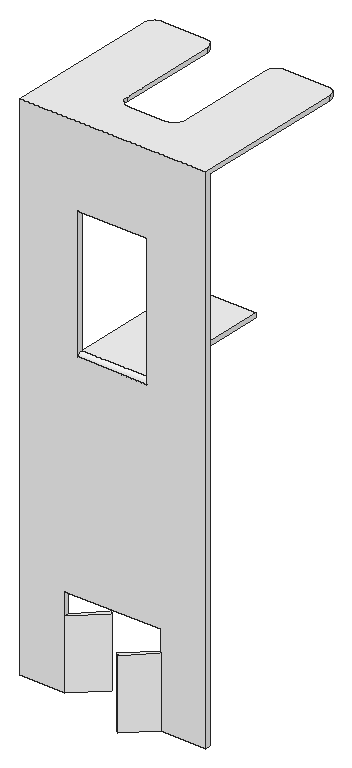
Revit family "chclip_h41", category 機械設備, Revit 2022
Family settings
  丸型コネクタ寸法 = 直径を使用
  種別 = なし
  パーツ タイプ = 標準
  作業面ベース = いいえ
  常に垂直 = はい
  ロード時にボイドで切り取り = いいえ
  注釈の向きを維持 = いいえ
  共有 = いいえ
  部屋計算ポイント = いいえ
Parameters
  製造元 = "株式会社桐井製作所"
  既定の高さ = 0 mm
  URL = "https://www.kirii.co.jp/"
  K_材質 = "溶融亜鉛めっき鋼板及び鋼帯 SGCC 一般用"
  K_品名 = "CHクリップH=41"
  K_名称 = "クリップ"
  K_入数 = "300"
  K_バージョン情報 = "20220915"
  K_めっき付着量 = "Z12"
  K_JIS規格 = "JIS G 3302"
Reference planes
  plane 1 "中心(正面/背面)": y = 0
  plane 2: z = 0
  plane 3 "中心(左/右)": x = 0
Forms (mm)
  Extrusion 1, solid
    sketch origin (0, 0, 0) x (0, 1, 0) y (0, 0, 1)
      loop
        line (0, -57.9) -> (0.8, -57.9) -> (0.8, 38.3) -> (31, 38.3) -> (31, 39.1) -> (0, 39.1) -> (0, -57.9)
    from -17.5 to 17.5
  Extrusion 2, void
    sketch origin (0, 0, 0) x (1, 0, 0) y (0, 0, 1)
      loop
        line (-6.6, 24) -> (-6.6, -0.6) -> (6.4, -0.6) -> (6.4, 24) -> (-6.6, 24)
    from -0.8 to 0
  Extrusion 3, solid
    sketch origin (0, 0, 0) x (0, 1, 0) y (0, 0, 1)
      loop
        line (25.5, -0.6) -> (25.5, 0.2) -> (0.86, 0.2)
        arc (0.86, 0.2) -> (0.273, -0.031) -> (0, -0.6) r 0.862
        line (0, -0.6) -> (25.5, -0.6)
    from -6.6 to 6.4
  Extrusion 4, void
    sketch origin (0, 0, 0) x (1, 0, 0) y (0, 0, 1)
      loop
        line (-9.1, -40.9) -> (-9.1, -57.9) -> (8.9, -57.9) -> (8.9, -40.9) -> (-9.1, -40.9)
    from -0.8 to 0
  Extrusion 5, void
    sketch origin (0, 0, 0) x (1, 0, 0) y (0, 1, 0)
      loop
        line (7.5, 31) -> (-7.5, 31)
        arc (-7.5, 31) -> (-6.086, 30.414) -> (-5.5, 29) r 2
        line (-5.5, 29) -> (-5.5, 10)
        arc (-5.5, 10) -> (-4.914, 8.586) -> (-3.5, 8) r 2
        line (-3.5, 8) -> (3.5, 8)
        arc (3.5, 8) -> (4.914, 8.586) -> (5.5, 10) r 2
        line (5.5, 10) -> (5.5, 29)
        arc (5.5, 29) -> (6.086, 30.414) -> (7.5, 31) r 2
    from 38.3 to 39.1
  Extrusion 6, void
    sketch origin (0, 0, 0) x (1, 0, 0) y (0, 1, 0)
      loop
        line (-15.5, 31) -> (-17.5, 31) -> (-17.5, 29)
        arc (-17.5, 29) -> (-16.914, 30.414) -> (-15.5, 31) r 2
      loop
        line (17.5, 29) -> (17.5, 31) -> (15.5, 31)
        arc (15.5, 31) -> (16.914, 30.414) -> (17.5, 29) r 2
    from 38.3 to 39.1
  Extrusion 7, solid
    sketch origin (0, 2.335, 0) x (1, 0, 0) y (0, 1, 0)
      loop
        line (-4.052, 2.38) -> (-4.611, 2.938) -> (-9.1, -1.551) -> (-9.1, -2.335) -> (-4.052, 2.38)
    from -57.9 to -44.9
  Extrusion 8, solid
    sketch origin (-0.2, -1.535, 0) x (-1, 0, 0) y (0, -1, 0)
      loop
        line (-4.052, 2.38) -> (-4.611, 2.938) -> (-9.1, -1.551) -> (-9.1, -2.335) -> (-4.052, 2.38)
    from -57.9 to -44.9
Cuts and joins
  Extrusion 2, Extrusion 4, Extrusion 5, Extrusion 6 cuts Extrusion 1
  Extrusion 4, Extrusion 5 cuts Extrusion 3
  joined: Extrusion 1, Extrusion 3, Extrusion 7, Extrusion 8
Dimensions and locks
  aligned and locked: level to plane 2
